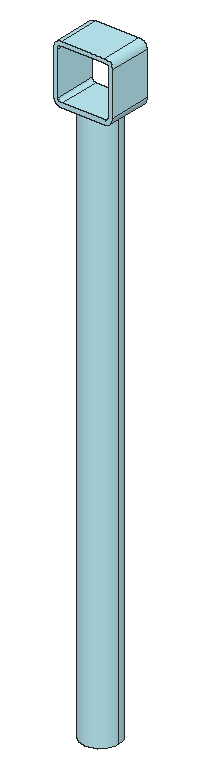
Revit family "supportstand_h800", category 機械設備, Revit 2022
Family settings
  丸型コネクタ寸法 = 直径を使用
  種別 = なし
  パーツ タイプ = 標準
  作業面ベース = いいえ
  常に垂直 = はい
  ロード時にボイドで切り取り = いいえ
  注釈の向きを維持 = いいえ
  共有 = いいえ
  部屋計算ポイント = いいえ
Parameters
  製造元 = "株式会社桐井製作所"
  既定の高さ = 0 mm
  URL = "https://www.kirii.co.jp/"
  K_表面処理 = "Z12以上"
  K_材質 = "溶融亜鉛めっき鋼板及び鋼帯及び鋼帯JIS G 3302"
  K_名称 = "スタンド(サポートスタンド用)　H=800"
  K_単位質量(kg/個) = 0.256
  K_バージョン情報 = "20221219"
Reference planes
  plane 1 "中心(正面/背面)": y = 0
  plane 2: z = 0
  plane 3 "中心(左/右)": x = 0
Forms (mm)
  Extrusion 1, solid
    sketch origin (0, 0, 0) x (1, 0, 0) y (0, 1, 0)
      loop
        circle (0, 0) r 24.3
      loop
        circle (0, 0) r 26.6
    from 0 to 800
  Extrusion 2, solid
    sketch origin (0, 0, 0) x (1, 0, 0) y (0, 0, 1)
      loop
        arc (31, 800) -> (38.543, 803.124) -> (41.667, 810.667) r 10.667
        line (41.667, 810.667) -> (41.667, 872.667)
        arc (41.667, 872.667) -> (38.543, 880.21) -> (31, 883.334) r 10.667
        line (31, 883.334) -> (-31, 883.334)
        arc (-31, 883.334) -> (-38.543, 880.21) -> (-41.667, 872.667) r 10.667
        line (-41.667, 872.667) -> (-41.667, 810.667)
        arc (-41.667, 810.667) -> (-38.543, 803.124) -> (-31, 800) r 10.667
        line (-31, 800) -> (31, 800)
      loop
        line (-36.334, 872.667) -> (-36.334, 810.667)
        arc (-36.334, 810.667) -> (-34.771, 806.895) -> (-31, 805.333) r 5.333
        line (-31, 805.333) -> (31, 805.333)
        arc (31, 805.333) -> (34.771, 806.895) -> (36.334, 810.667) r 5.333
        line (36.334, 810.667) -> (36.334, 872.667)
        arc (36.334, 872.667) -> (34.771, 876.438) -> (31, 878) r 5.333
        line (31, 878) -> (-31, 878)
        arc (-31, 878) -> (-34.771, 876.438) -> (-36.334, 872.667) r 5.333
    from -30 to 30
Dimensions and locks
  aligned and locked: level to plane 2
